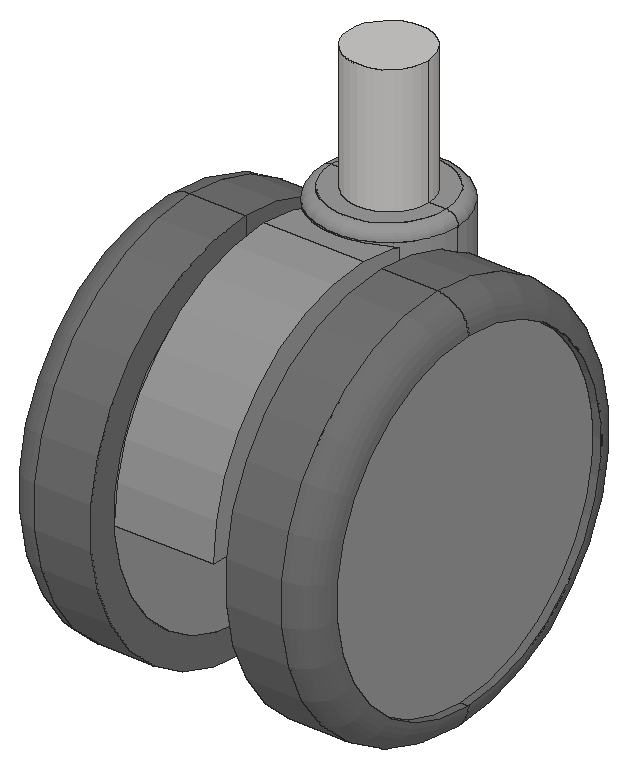
Revit family "Колесо для офисной мебели", category Обобщенные модели, Revit 2017
Family settings
  Может служить основой для арматурных стержней = Нет
  Размер круглого соединителя = Использовать диаметр
  Тип детали = Нормальный
  На основе рабочей плоскости = Нет
  Всегда вертикально = Да
  При загрузке вырезать с полостями = Нет
  Общий = Нет
  Точка расчета площади = Нет
Parameters (values of type "Тип")
  Keynote = ""
  Группа модели = "ТХ"  # constant formula
Reference planes
  plane 1 "По центру (Вперед/Назад)": y = 0
  plane 2: z = 0
  plane 3 "По центру (Влево/Вправо)": x = 0
Forms (mm)
  Extrusion 1, solid, material "Пластмасса, непрозрачная, черная"
    sketch origin (-0.139, 104.186, 0) x (0, -1, 0) y (0, 0, 1)
      loop
        arc (149.336, 32.485) -> (140.525, 53.92) -> (119.186, 62.96) r 30.477
        arc (119.186, 62.96) -> (97.847, 53.92) -> (89.036, 32.485) r 30.477
        line (89.036, 32.485) -> (95.536, 32.485)
        arc (95.536, 32.485) -> (102.443, 49.324) -> (119.186, 56.46) r 23.977
        arc (119.186, 56.46) -> (135.929, 49.324) -> (142.836, 32.485) r 23.977
        line (142.836, 32.485) -> (149.336, 32.485)
    from -8 to 8
  Revolve 2, solid, material "Резина"
    sketch origin (23.908, -15.007, 1200) x (-1, 0, 0) y (0, 0, 1)
      loop
        line (-0.937, -1141.717) -> (13.078, -1141.717) -> (13.078, -1137.006) -> (4.104, -1137.006)
        arc (4.104, -1137.006) -> (0.654, -1138.367) -> (-0.937, -1141.717) r 5.053
      axis (-0.937, -1168.5) -> (13.078, -1168.5)
    angle from 0 to 360
  Extrusion 3, solid, material "Пластмасса, непрозрачная, черная"
    sketch origin (-1.382, 6.475, 0) x (0, -1, 0) y (0, 0, 1)
      loop
        circle (21.482, 31.5) r 26.783
    from 9.8 to 22.25
  Revolve 4, solid, material "Резина"
    sketch origin (-24.182, -15.007, 1200) x (1, 0, 0) y (0, 0, -1)
      loop
        arc (-0.937, 1141.717) -> (0.654, 1138.367) -> (4.104, 1137.006) r 5.053
        line (4.104, 1137.006) -> (13.078, 1137.006) -> (13.078, 1141.717) -> (-0.937, 1141.717)
      axis (-0.937, 1168.5) -> (13.078, 1168.5)
    angle from 0 to 360
  Extrusion 5, solid, material "Пластмасса, непрозрачная, черная"
    sketch origin (1.186, 6.475, 0) x (0, -1, 0) y (0, 0, -1)
      loop
        circle (21.482, -31.5) r 26.783
    from 9.8 to 22.25
  Revolve 6, solid, material "Пластмасса, непрозрачная, черная"
    sketch origin (0, 0, 0) x (1, 0, 0) y (0, 0, 1)
      loop
        line (0, 64.498) -> (-9.268, 64.498)
        arc (-9.268, 64.498) -> (-10.566, 63.96) -> (-11.104, 62.661) r 1.836
        line (-11.104, 62.661) -> (-11.104, 44.5)
        arc (-11.104, 44.5) -> (-7.743, 37.067) -> (0, 34.5) r 10.161
        line (0, 34.5) -> (0, 64.498)
      axis (0, 34.5) -> (0, 64.498)
    angle from 0 to 360
  Extrusion 7, solid, material "Сталь, нержавеющая, полированная"
    sketch origin (0, 0, 0) x (1, 0, 0) y (0, 1, 0)
      loop
        circle (0, 0) r 6.35
    from 60 to 85
Lines and regions (mm)
  symbolic lines, detail levels coarse+medium
    curve 1: line (-6.828, 0, 0) -> (6.828, 0, 0)
    curve 2: line (0, 6.828, 0) -> (0, -6.828, 0)
Dimensions and locks
  aligned and locked: level to plane 2
